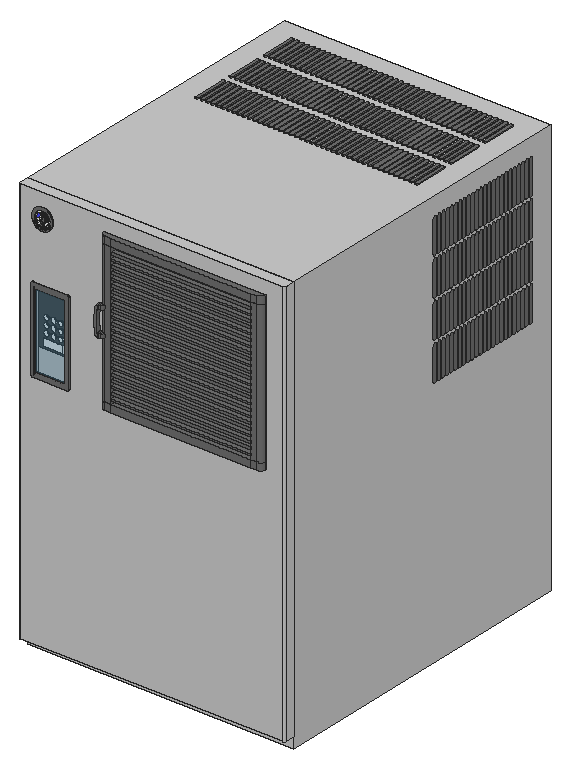
Revit family "QF_HOSHIZAKI_IM-240APE_251030081704", category Specialty Equipment, Revit 2021 (continued)
Definition of nested family "QF_HOSHIZAKI_IM-240APE_2920"
  Forms (mm)
    Extrusion 11, solid
      sketch origin (-498.752, -25.81, 878.5) x (-1, 0, 0) y (0, -1, 0)
        loop
          arc (-716.252, 107.69) -> (-712.752, 104.19) -> (-709.252, 107.69) r 3.5
          line (-709.252, 107.69) -> (-709.252, 175.69)
        loop
          arc (-720.252, 175.69) -> (-723.752, 179.19) -> (-727.252, 175.69) r 3.5
          line (-727.252, 175.69) -> (-727.252, 107.69)
          arc (-727.252, 107.69) -> (-723.752, 104.19) -> (-720.252, 107.69) r 3.5
          line (-720.252, 107.69) -> (-720.252, 175.69)
        loop
          arc (-731.252, 175.69) -> (-734.752, 179.19) -> (-738.252, 175.69) r 3.5
          line (-738.252, 175.69) -> (-738.252, 107.69)
          arc (-738.252, 107.69) -> (-734.752, 104.19) -> (-731.252, 107.69) r 3.5
          line (-731.252, 107.69) -> (-731.252, 175.69)
        loop
          arc (-742.252, 175.69) -> (-745.752, 179.19) -> (-749.252, 175.69) r 3.5
          line (-749.252, 175.69) -> (-749.252, 107.69)
          arc (-749.252, 107.69) -> (-745.752, 104.19) -> (-742.252, 107.69) r 3.5
          line (-742.252, 107.69) -> (-742.252, 175.69)
        loop
          arc (-753.252, 175.69) -> (-756.752, 179.19) -> (-760.252, 175.69) r 3.5
          line (-760.252, 175.69) -> (-760.252, 107.69)
          arc (-760.252, 107.69) -> (-756.752, 104.19) -> (-753.252, 107.69) r 3.5
          line (-753.252, 107.69) -> (-753.252, 175.69)
        loop
          arc (-764.252, 175.69) -> (-767.752, 179.19) -> (-771.252, 175.69) r 3.5
          line (-771.252, 175.69) -> (-771.252, 107.69)
          arc (-771.252, 107.69) -> (-767.752, 104.19) -> (-764.252, 107.69) r 3.5
          line (-764.252, 107.69) -> (-764.252, 175.69)
        loop
          arc (-775.252, 175.69) -> (-778.752, 179.19) -> (-782.252, 175.69) r 3.5
          line (-782.252, 175.69) -> (-782.252, 107.69)
          arc (-782.252, 107.69) -> (-778.752, 104.19) -> (-775.252, 107.69) r 3.5
          line (-775.252, 107.69) -> (-775.252, 175.69)
        loop
          arc (-786.252, 175.69) -> (-789.752, 179.19) -> (-793.252, 175.69) r 3.5
          line (-793.252, 175.69) -> (-793.252, 107.69)
          arc (-793.252, 107.69) -> (-789.752, 104.19) -> (-786.252, 107.69) r 3.5
          line (-786.252, 107.69) -> (-786.252, 175.69)
        loop
          arc (-797.252, 175.69) -> (-800.752, 179.19) -> (-804.252, 175.69) r 3.5
          line (-804.252, 175.69) -> (-804.252, 107.69)
          arc (-804.252, 107.69) -> (-800.752, 104.19) -> (-797.252, 107.69) r 3.5
          line (-797.252, 107.69) -> (-797.252, 175.69)
        loop
          arc (-544.252, 85.634) -> (-547.752, 89.134) -> (-551.252, 85.634) r 3.5
          line (-551.252, 85.634) -> (-551.252, 17.69)
          arc (-551.252, 17.69) -> (-547.752, 14.19) -> (-544.252, 17.69) r 3.5
          line (-544.252, 17.69) -> (-544.252, 85.634)
        loop
          arc (-555.252, 85.634) -> (-558.752, 89.134) -> (-562.252, 85.634) r 3.5
          line (-562.252, 85.634) -> (-562.252, 17.69)
          arc (-562.252, 17.69) -> (-558.752, 14.19) -> (-555.252, 17.69) r 3.5
          line (-555.252, 17.69) -> (-555.252, 85.634)
        loop
          arc (-566.252, 85.634) -> (-569.752, 89.134) -> (-573.252, 85.634) r 3.5
          line (-573.252, 85.634) -> (-573.252, 17.69)
          arc (-573.252, 17.69) -> (-569.752, 14.19) -> (-566.252, 17.69) r 3.5
          line (-566.252, 17.69) -> (-566.252, 85.634)
        loop
          arc (-577.252, 85.634) -> (-580.752, 89.134) -> (-584.252, 85.634) r 3.5
          line (-584.252, 85.634) -> (-584.252, 17.69)
          arc (-584.252, 17.69) -> (-580.752, 14.19) -> (-577.252, 17.69) r 3.5
          line (-577.252, 17.69) -> (-577.252, 85.634)
        loop
          arc (-588.252, 85.634) -> (-591.752, 89.134) -> (-595.252, 85.634) r 3.5
          line (-595.252, 85.634) -> (-595.252, 17.69)
          arc (-595.252, 17.69) -> (-591.752, 14.19) -> (-588.252, 17.69) r 3.5
          line (-588.252, 17.69) -> (-588.252, 85.634)
        loop
          arc (-599.252, 85.634) -> (-602.752, 89.134) -> (-606.252, 85.634) r 3.5
          line (-606.252, 85.634) -> (-606.252, 17.69)
          arc (-606.252, 17.69) -> (-602.752, 14.19) -> (-599.252, 17.69) r 3.5
          line (-599.252, 17.69) -> (-599.252, 85.634)
        loop
          arc (-610.252, 85.634) -> (-613.752, 89.134) -> (-617.252, 85.634) r 3.5
          line (-617.252, 85.634) -> (-617.252, 17.69)
          arc (-617.252, 17.69) -> (-613.752, 14.19) -> (-610.252, 17.69) r 3.5
          line (-610.252, 17.69) -> (-610.252, 85.634)
        loop
          arc (-621.252, 85.634) -> (-624.752, 89.134) -> (-628.252, 85.634) r 3.5
          line (-628.252, 85.634) -> (-628.252, 17.69)
          arc (-628.252, 17.69) -> (-624.752, 14.19) -> (-621.252, 17.69) r 3.5
          line (-621.252, 17.69) -> (-621.252, 85.634)
        loop
          arc (-632.252, 85.634) -> (-635.752, 89.134) -> (-639.252, 85.634) r 3.5
          line (-639.252, 85.634) -> (-639.252, 17.69)
          arc (-639.252, 17.69) -> (-635.752, 14.19) -> (-632.252, 17.69) r 3.5
          line (-632.252, 17.69) -> (-632.252, 85.634)
        loop
          arc (-643.252, 85.634) -> (-646.752, 89.134) -> (-650.252, 85.634) r 3.5
          line (-650.252, 85.634) -> (-650.252, 17.69)
          arc (-650.252, 17.69) -> (-646.752, 14.19) -> (-643.252, 17.69) r 3.5
          line (-643.252, 17.69) -> (-643.252, 85.634)
        loop
          arc (-654.252, 85.634) -> (-657.752, 89.134) -> (-661.252, 85.634) r 3.5
          line (-661.252, 85.634) -> (-661.252, 17.69)
          arc (-661.252, 17.69) -> (-657.752, 14.19) -> (-654.252, 17.69) r 3.5
          line (-654.252, 17.69) -> (-654.252, 85.634)
        loop
          arc (-665.252, 85.634) -> (-668.752, 89.134) -> (-672.252, 85.634) r 3.5
          line (-672.252, 85.634) -> (-672.252, 17.69)
          arc (-672.252, 17.69) -> (-668.752, 14.19) -> (-665.252, 17.69) r 3.5
          line (-665.252, 17.69) -> (-665.252, 85.634)
        loop
          arc (-676.252, 85.634) -> (-679.752, 89.134) -> (-683.252, 85.634) r 3.5
          line (-683.252, 85.634) -> (-683.252, 17.69)
          arc (-683.252, 17.69) -> (-679.752, 14.19) -> (-676.252, 17.69) r 3.5
          line (-676.252, 17.69) -> (-676.252, 85.634)
        loop
          arc (-687.252, 85.634) -> (-690.752, 89.134) -> (-694.252, 85.634) r 3.5
          line (-694.252, 85.634) -> (-694.252, 17.69)
          arc (-694.252, 17.69) -> (-690.752, 14.19) -> (-687.252, 17.69) r 3.5
          line (-687.252, 17.69) -> (-687.252, 85.634)
        loop
          arc (-698.252, 85.634) -> (-701.752, 89.134) -> (-705.252, 85.634) r 3.5
          line (-705.252, 85.634) -> (-705.252, 17.69)
          arc (-705.252, 17.69) -> (-701.752, 14.19) -> (-698.252, 17.69) r 3.5
          line (-698.252, 17.69) -> (-698.252, 85.634)
        loop
          arc (-709.252, 85.634) -> (-712.752, 89.134) -> (-716.252, 85.634) r 3.5
          line (-716.252, 85.634) -> (-716.252, 17.69)
          arc (-716.252, 17.69) -> (-712.752, 14.19) -> (-709.252, 17.69) r 3.5
          line (-709.252, 17.69) -> (-709.252, 85.634)
        loop
          arc (-720.252, 85.634) -> (-723.752, 89.134) -> (-727.252, 85.634) r 3.5
          line (-727.252, 85.634) -> (-727.252, 17.69)
          arc (-727.252, 17.69) -> (-723.752, 14.19) -> (-720.252, 17.69) r 3.5
          line (-720.252, 17.69) -> (-720.252, 85.634)
        loop
          arc (-731.252, 85.634) -> (-734.752, 89.134) -> (-738.252, 85.634) r 3.5
          line (-738.252, 85.634) -> (-738.252, 17.69)
          arc (-738.252, 17.69) -> (-734.752, 14.19) -> (-731.252, 17.69) r 3.5
          line (-731.252, 17.69) -> (-731.252, 85.634)
        loop
          arc (-742.252, 85.634) -> (-745.752, 89.134) -> (-749.252, 85.634) r 3.5
          line (-749.252, 85.634) -> (-749.252, 17.69)
          arc (-749.252, 17.69) -> (-745.752, 14.19) -> (-742.252, 17.69) r 3.5
          line (-742.252, 17.69) -> (-742.252, 85.634)
        loop
          arc (-753.252, 85.634) -> (-756.752, 89.134) -> (-760.252, 85.634) r 3.5
          line (-760.252, 85.634) -> (-760.252, 17.69)
          arc (-760.252, 17.69) -> (-756.752, 14.19) -> (-753.252, 17.69) r 3.5
          line (-753.252, 17.69) -> (-753.252, 85.634)
        loop
          arc (-764.252, 85.634) -> (-767.752, 89.134) -> (-771.252, 85.634) r 3.5
          line (-771.252, 85.634) -> (-771.252, 17.69)
          arc (-771.252, 17.69) -> (-767.752, 14.19) -> (-764.252, 17.69) r 3.5
          line (-764.252, 17.69) -> (-764.252, 85.634)
        loop
          arc (-775.252, 85.634) -> (-778.752, 89.134) -> (-782.252, 85.634) r 3.5
          line (-782.252, 85.634) -> (-782.252, 17.69)
          arc (-782.252, 17.69) -> (-778.752, 14.19) -> (-775.252, 17.69) r 3.5
          line (-775.252, 17.69) -> (-775.252, 85.634)
        loop
          arc (-786.252, 85.634) -> (-789.752, 89.134) -> (-793.252, 85.634) r 3.5
          line (-793.252, 85.634) -> (-793.252, 17.69)
          arc (-793.252, 17.69) -> (-789.752, 14.19) -> (-786.252, 17.69) r 3.5
          line (-786.252, 17.69) -> (-786.252, 85.634)
        loop
          arc (-797.252, 85.634) -> (-800.752, 89.134) -> (-804.252, 85.634) r 3.5
          line (-804.252, 85.634) -> (-804.252, 17.69)
          arc (-804.252, 17.69) -> (-800.752, 14.19) -> (-797.252, 17.69) r 3.5
          line (-797.252, 17.69) -> (-797.252, 85.634)
        loop
          arc (-808.252, 265.634) -> (-811.752, 269.134) -> (-815.252, 265.634) r 3.5
          line (-815.252, 265.634) -> (-815.252, 197.69)
          arc (-815.252, 197.69) -> (-811.752, 194.19) -> (-808.252, 197.69) r 3.5
          line (-808.252, 197.69) -> (-808.252, 265.634)
        loop
          arc (-819.252, 265.634) -> (-822.752, 269.134) -> (-826.252, 265.634) r 3.5
          line (-826.252, 265.634) -> (-826.252, 197.69)
          arc (-826.252, 197.69) -> (-822.752, 194.19) -> (-819.252, 197.69) r 3.5
          line (-819.252, 197.69) -> (-819.252, 265.634)
        loop
          arc (-830.252, 265.634) -> (-833.752, 269.134) -> (-837.252, 265.634) r 3.5
          line (-837.252, 265.634) -> (-837.252, 197.69)
          arc (-837.252, 197.69) -> (-833.752, 194.19) -> (-830.252, 197.69) r 3.5
          line (-830.252, 197.69) -> (-830.252, 265.634)
        loop
          arc (-841.252, 265.634) -> (-844.752, 269.134) -> (-848.252, 265.634) r 3.5
          line (-848.252, 265.634) -> (-848.252, 197.69)
          arc (-848.252, 197.69) -> (-844.752, 194.19) -> (-841.252, 197.69) r 3.5
          line (-841.252, 197.69) -> (-841.252, 265.634)
        loop
          arc (-852.252, 265.634) -> (-855.752, 269.134) -> (-859.252, 265.634) r 3.5
          line (-859.252, 265.634) -> (-859.252, 197.69)
          arc (-859.252, 197.69) -> (-855.752, 194.19) -> (-852.252, 197.69) r 3.5
          line (-852.252, 197.69) -> (-852.252, 265.634)
        loop
          arc (-863.252, 265.634) -> (-866.752, 269.134) -> (-870.252, 265.634) r 3.5
          line (-870.252, 265.634) -> (-870.252, 197.69)
          arc (-870.252, 197.69) -> (-866.752, 194.19) -> (-863.252, 197.69) r 3.5
          line (-863.252, 197.69) -> (-863.252, 265.634)
        loop
          arc (-874.252, 265.634) -> (-877.752, 269.134) -> (-881.252, 265.634) r 3.5
          line (-881.252, 265.634) -> (-881.252, 197.69)
          arc (-881.252, 197.69) -> (-877.752, 194.19) -> (-874.252, 197.69) r 3.5
          line (-874.252, 197.69) -> (-874.252, 265.634)
        loop
          arc (-885.252, 265.634) -> (-888.752, 269.134) -> (-892.252, 265.634) r 3.5
          line (-892.252, 265.634) -> (-892.252, 197.69)
          arc (-892.252, 197.69) -> (-888.752, 194.19) -> (-885.252, 197.69) r 3.5
          line (-885.252, 197.69) -> (-885.252, 265.634)
        loop
          arc (-896.252, 265.634) -> (-899.752, 269.134) -> (-903.252, 265.634) r 3.5
          line (-903.252, 265.634) -> (-903.252, 197.69)
          arc (-903.252, 197.69) -> (-899.752, 194.19) -> (-896.252, 197.69) r 3.5
          line (-896.252, 197.69) -> (-896.252, 265.634)
        loop
          arc (-907.252, 265.634) -> (-910.752, 269.134) -> (-914.252, 265.634) r 3.5
          line (-914.252, 265.634) -> (-914.252, 197.69)
          arc (-914.252, 197.69) -> (-910.752, 194.19) -> (-907.252, 197.69) r 3.5
          line (-907.252, 197.69) -> (-907.252, 265.634)
        loop
          arc (-808.252, 175.69) -> (-811.752, 179.19) -> (-815.252, 175.69) r 3.5
          line (-815.252, 175.69) -> (-815.252, 107.69)
          arc (-815.252, 107.69) -> (-811.752, 104.19) -> (-808.252, 107.69) r 3.5
          line (-808.252, 107.69) -> (-808.252, 175.69)
        loop
          arc (-819.252, 175.69) -> (-822.752, 179.19) -> (-826.252, 175.69) r 3.5
          line (-826.252, 175.69) -> (-826.252, 107.69)
          arc (-826.252, 107.69) -> (-822.752, 104.19) -> (-819.252, 107.69) r 3.5
          line (-819.252, 107.69) -> (-819.252, 175.69)
        loop
          arc (-830.252, 175.69) -> (-833.752, 179.19) -> (-837.252, 175.69) r 3.5
          line (-837.252, 175.69) -> (-837.252, 107.69)
          arc (-837.252, 107.69) -> (-833.752, 104.19) -> (-830.252, 107.69) r 3.5
          line (-830.252, 107.69) -> (-830.252, 175.69)
        loop
          arc (-841.252, 175.69) -> (-844.752, 179.19) -> (-848.252, 175.69) r 3.5
          line (-848.252, 175.69) -> (-848.252, 107.69)
          arc (-848.252, 107.69) -> (-844.752, 104.19) -> (-841.252, 107.69) r 3.5
          line (-841.252, 107.69) -> (-841.252, 175.69)
        loop
          arc (-852.252, 175.69) -> (-855.752, 179.19) -> (-859.252, 175.69) r 3.5
          line (-859.252, 175.69) -> (-859.252, 107.69)
          arc (-859.252, 107.69) -> (-855.752, 104.19) -> (-852.252, 107.69) r 3.5
          line (-852.252, 107.69) -> (-852.252, 175.69)
        loop
          arc (-863.252, 175.69) -> (-866.752, 179.19) -> (-870.252, 175.69) r 3.5
          line (-870.252, 175.69) -> (-870.252, 107.69)
          arc (-870.252, 107.69) -> (-866.752, 104.19) -> (-863.252, 107.69) r 3.5
          line (-863.252, 107.69) -> (-863.252, 175.69)
        loop
          arc (-874.252, 175.69) -> (-877.752, 179.19) -> (-881.252, 175.69) r 3.5
          line (-881.252, 175.69) -> (-881.252, 107.69)
          arc (-881.252, 107.69) -> (-877.752, 104.19) -> (-874.252, 107.69) r 3.5
          line (-874.252, 107.69) -> (-874.252, 175.69)
        loop
          arc (-885.252, 175.69) -> (-888.752, 179.19) -> (-892.252, 175.69) r 3.5
          line (-892.252, 175.69) -> (-892.252, 107.69)
          arc (-892.252, 107.69) -> (-888.752, 104.19) -> (-885.252, 107.69) r 3.5
          line (-885.252, 107.69) -> (-885.252, 175.69)
        loop
          arc (-896.252, 175.69) -> (-899.752, 179.19) -> (-903.252, 175.69) r 3.5
          line (-903.252, 175.69) -> (-903.252, 107.69)
          arc (-903.252, 107.69) -> (-899.752, 104.19) -> (-896.252, 107.69) r 3.5
          line (-896.252, 107.69) -> (-896.252, 175.69)
        loop
          arc (-907.252, 175.69) -> (-910.752, 179.19) -> (-914.252, 175.69) r 3.5
          line (-914.252, 175.69) -> (-914.252, 107.69)
          arc (-914.252, 107.69) -> (-910.752, 104.19) -> (-907.252, 107.69) r 3.5
          line (-907.252, 107.69) -> (-907.252, 175.69)
        loop
          arc (-808.252, 85.634) -> (-811.752, 89.134) -> (-815.252, 85.634) r 3.5
          line (-815.252, 85.634) -> (-815.252, 17.69)
          arc (-815.252, 17.69) -> (-811.752, 14.19) -> (-808.252, 17.69) r 3.5
          line (-808.252, 17.69) -> (-808.252, 85.634)
        loop
          arc (-819.252, 85.634) -> (-822.752, 89.134) -> (-826.252, 85.634) r 3.5
          line (-826.252, 85.634) -> (-826.252, 17.69)
          arc (-826.252, 17.69) -> (-822.752, 14.19) -> (-819.252, 17.69) r 3.5
          line (-819.252, 17.69) -> (-819.252, 85.634)
        loop
          arc (-830.252, 85.634) -> (-833.752, 89.134) -> (-837.252, 85.634) r 3.5
          line (-837.252, 85.634) -> (-837.252, 17.69)
          arc (-837.252, 17.69) -> (-833.752, 14.19) -> (-830.252, 17.69) r 3.5
          line (-830.252, 17.69) -> (-830.252, 85.634)
        loop
          arc (-841.252, 85.634) -> (-844.752, 89.134) -> (-848.252, 85.634) r 3.5
          line (-848.252, 85.634) -> (-848.252, 17.69)
          arc (-848.252, 17.69) -> (-844.752, 14.19) -> (-841.252, 17.69) r 3.5
          line (-841.252, 17.69) -> (-841.252, 85.634)
        loop
          arc (-852.252, 85.634) -> (-855.752, 89.134) -> (-859.252, 85.634) r 3.5
          line (-859.252, 85.634) -> (-859.252, 17.69)
          arc (-859.252, 17.69) -> (-855.752, 14.19) -> (-852.252, 17.69) r 3.5
          line (-852.252, 17.69) -> (-852.252, 85.634)
        loop
          arc (-863.252, 85.634) -> (-866.752, 89.134) -> (-870.252, 85.634) r 3.5
          line (-870.252, 85.634) -> (-870.252, 17.69)
          arc (-870.252, 17.69) -> (-866.752, 14.19) -> (-863.252, 17.69) r 3.5
          line (-863.252, 17.69) -> (-863.252, 85.634)
        loop
          arc (-874.252, 85.634) -> (-877.752, 89.134) -> (-881.252, 85.634) r 3.5
          line (-881.252, 85.634) -> (-881.252, 17.69)
          arc (-881.252, 17.69) -> (-877.752, 14.19) -> (-874.252, 17.69) r 3.5
          line (-874.252, 17.69) -> (-874.252, 85.634)
        loop
          arc (-885.252, 85.634) -> (-888.752, 89.134) -> (-892.252, 85.634) r 3.5
          line (-892.252, 85.634) -> (-892.252, 17.69)
          arc (-892.252, 17.69) -> (-888.752, 14.19) -> (-885.252, 17.69) r 3.5
          line (-885.252, 17.69) -> (-885.252, 85.634)
        loop
          arc (-896.252, 85.634) -> (-899.752, 89.134) -> (-903.252, 85.634) r 3.5
          line (-903.252, 85.634) -> (-903.252, 17.69)
          arc (-903.252, 17.69) -> (-899.752, 14.19) -> (-896.252, 17.69) r 3.5
          line (-896.252, 17.69) -> (-896.252, 85.634)
        loop
          arc (-907.252, 85.634) -> (-910.752, 89.134) -> (-914.252, 85.634) r 3.5
          line (-914.252, 85.634) -> (-914.252, 17.69)
          arc (-914.252, 17.69) -> (-910.752, 14.19) -> (-907.252, 17.69) r 3.5
          line (-907.252, 17.69) -> (-907.252, 85.634)
        loop
          arc (-918.252, 265.634) -> (-921.752, 269.134) -> (-925.252, 265.634) r 3.5
          line (-925.252, 265.634) -> (-925.252, 197.69)
          arc (-925.252, 197.69) -> (-921.752, 194.19) -> (-918.252, 197.69) r 3.5
          line (-918.252, 197.69) -> (-918.252, 265.634)
        loop
          arc (-929.252, 265.634) -> (-932.752, 269.134) -> (-936.252, 265.634) r 3.5
          line (-936.252, 265.634) -> (-936.252, 197.69)
          arc (-936.252, 197.69) -> (-932.752, 194.19) -> (-929.252, 197.69) r 3.5
          line (-929.252, 197.69) -> (-929.252, 265.634)
        loop
          arc (-940.252, 265.634) -> (-943.752, 269.134) -> (-947.252, 265.634) r 3.5
          line (-947.252, 265.634) -> (-947.252, 197.69)
          arc (-947.252, 197.69) -> (-943.752, 194.19) -> (-940.252, 197.69) r 3.5
          line (-940.252, 197.69) -> (-940.252, 265.634)
        loop
          arc (-951.252, 265.634) -> (-954.752, 269.134) -> (-958.252, 265.634) r 3.5
          line (-958.252, 265.634) -> (-958.252, 197.69)
          arc (-958.252, 197.69) -> (-954.752, 194.19) -> (-951.252, 197.69) r 3.5
          line (-951.252, 197.69) -> (-951.252, 265.634)
        loop
          arc (-962.252, 265.634) -> (-965.752, 269.134) -> (-969.252, 265.634) r 3.5
          line (-969.252, 265.634) -> (-969.252, 197.69)
          arc (-969.252, 197.69) -> (-965.752, 194.19) -> (-962.252, 197.69) r 3.5
          line (-962.252, 197.69) -> (-962.252, 265.634)
        loop
          arc (-973.252, 265.634) -> (-976.752, 269.134) -> (-980.252, 265.634) r 3.5
          line (-980.252, 265.634) -> (-980.252, 197.69)
          arc (-980.252, 197.69) -> (-976.752, 194.19) -> (-973.252, 197.69) r 3.5
          line (-973.252, 197.69) -> (-973.252, 265.634)
        loop
          arc (-984.252, 265.634) -> (-987.752, 269.134) -> (-991.252, 265.634) r 3.5
          line (-991.252, 265.634) -> (-991.252, 197.69)
          arc (-991.252, 197.69) -> (-987.752, 194.19) -> (-984.252, 197.69) r 3.5
          line (-984.252, 197.69) -> (-984.252, 265.634)
        loop
          arc (-995.252, 265.634) -> (-998.752, 269.134) -> (-1002.252, 265.634) r 3.5
          line (-1002.252, 265.634) -> (-1002.252, 197.69)
          arc (-1002.252, 197.69) -> (-998.752, 194.19) -> (-995.252, 197.69) r 3.5
          line (-995.252, 197.69) -> (-995.252, 265.634)
        loop
          arc (-1006.252, 265.634) -> (-1009.752, 269.134) -> (-1013.252, 265.634) r 3.5
          line (-1013.252, 265.634) -> (-1013.252, 197.69)
          arc (-1013.252, 197.69) -> (-1009.752, 194.19) -> (-1006.252, 197.69) r 3.5
          line (-1006.252, 197.69) -> (-1006.252, 265.634)
        loop
          arc (-918.252, 175.69) -> (-921.752, 179.19) -> (-925.252, 175.69) r 3.5
          line (-925.252, 175.69) -> (-925.252, 107.69)
          arc (-925.252, 107.69) -> (-921.752, 104.19) -> (-918.252, 107.69) r 3.5
          line (-918.252, 107.69) -> (-918.252, 175.69)
        loop
          arc (-929.252, 175.69) -> (-932.752, 179.19) -> (-936.252, 175.69) r 3.5
          line (-936.252, 175.69) -> (-936.252, 107.69)
          arc (-936.252, 107.69) -> (-932.752, 104.19) -> (-929.252, 107.69) r 3.5
          line (-929.252, 107.69) -> (-929.252, 175.69)
        loop
          arc (-940.252, 175.69) -> (-943.752, 179.19) -> (-947.252, 175.69) r 3.5
          line (-947.252, 175.69) -> (-947.252, 107.69)
          arc (-947.252, 107.69) -> (-943.752, 104.19) -> (-940.252, 107.69) r 3.5
          line (-940.252, 107.69) -> (-940.252, 175.69)
        loop
          arc (-951.252, 175.69) -> (-954.752, 179.19) -> (-958.252, 175.69) r 3.5
          line (-958.252, 175.69) -> (-958.252, 107.69)
          arc (-958.252, 107.69) -> (-954.752, 104.19) -> (-951.252, 107.69) r 3.5
          line (-951.252, 107.69) -> (-951.252, 175.69)
        loop
          arc (-962.252, 175.69) -> (-965.752, 179.19) -> (-969.252, 175.69) r 3.5
          line (-969.252, 175.69) -> (-969.252, 107.69)
          arc (-969.252, 107.69) -> (-965.752, 104.19) -> (-962.252, 107.69) r 3.5
          line (-962.252, 107.69) -> (-962.252, 175.69)
        loop
          arc (-973.252, 175.69) -> (-976.752, 179.19) -> (-980.252, 175.69) r 3.5
          line (-980.252, 175.69) -> (-980.252, 107.69)
          arc (-980.252, 107.69) -> (-976.752, 104.19) -> (-973.252, 107.69) r 3.5
          line (-973.252, 107.69) -> (-973.252, 175.69)
        loop
          arc (-984.252, 175.69) -> (-987.752, 179.19) -> (-991.252, 175.69) r 3.5
          line (-991.252, 175.69) -> (-991.252, 107.69)
          arc (-991.252, 107.69) -> (-987.752, 104.19) -> (-984.252, 107.69) r 3.5
          line (-984.252, 107.69) -> (-984.252, 175.69)
        loop
          arc (-995.252, 175.69) -> (-998.752, 179.19) -> (-1002.252, 175.69) r 3.5
          line (-1002.252, 175.69) -> (-1002.252, 107.69)
          arc (-1002.252, 107.69) -> (-998.752, 104.19) -> (-995.252, 107.69) r 3.5
          line (-995.252, 107.69) -> (-995.252, 175.69)
        loop
          arc (-1006.252, 175.69) -> (-1009.752, 179.19) -> (-1013.252, 175.69) r 3.5
          line (-1013.252, 175.69) -> (-1013.252, 107.69)
          arc (-1013.252, 107.69) -> (-1009.752, 104.19) -> (-1006.252, 107.69) r 3.5
          line (-1006.252, 107.69) -> (-1006.252, 175.69)
        loop
          arc (-918.252, 85.634) -> (-921.752, 89.134) -> (-925.252, 85.634) r 3.5
          line (-925.252, 85.634) -> (-925.252, 17.69)
          arc (-925.252, 17.69) -> (-921.752, 14.19) -> (-918.252, 17.69) r 3.5
          line (-918.252, 17.69) -> (-918.252, 85.634)
        loop
          arc (-929.252, 85.634) -> (-932.752, 89.134) -> (-936.252, 85.634) r 3.5
          line (-936.252, 85.634) -> (-936.252, 17.69)
          arc (-936.252, 17.69) -> (-932.752, 14.19) -> (-929.252, 17.69) r 3.5
          line (-929.252, 17.69) -> (-929.252, 85.634)
        loop
          arc (-940.252, 85.634) -> (-943.752, 89.134) -> (-947.252, 85.634) r 3.5
          line (-947.252, 85.634) -> (-947.252, 17.69)
          arc (-947.252, 17.69) -> (-943.752, 14.19) -> (-940.252, 17.69) r 3.5
          line (-940.252, 17.69) -> (-940.252, 85.634)
        loop
          arc (-951.252, 85.634) -> (-954.752, 89.134) -> (-958.252, 85.634) r 3.5
          line (-958.252, 85.634) -> (-958.252, 17.69)
          arc (-958.252, 17.69) -> (-954.752, 14.19) -> (-951.252, 17.69) r 3.5
          line (-951.252, 17.69) -> (-951.252, 85.634)
        loop
          arc (-962.252, 85.634) -> (-965.752, 89.134) -> (-969.252, 85.634) r 3.5
          line (-969.252, 85.634) -> (-969.252, 17.69)
          arc (-969.252, 17.69) -> (-965.752, 14.19) -> (-962.252, 17.69) r 3.5
          line (-962.252, 17.69) -> (-962.252, 85.634)
        loop
          arc (-973.252, 85.634) -> (-976.752, 89.134) -> (-980.252, 85.634) r 3.5
          line (-980.252, 85.634) -> (-980.252, 17.69)
          arc (-980.252, 17.69) -> (-976.752, 14.19) -> (-973.252, 17.69) r 3.5
          line (-973.252, 17.69) -> (-973.252, 85.634)
        loop
          arc (-984.252, 85.634) -> (-987.752, 89.134) -> (-991.252, 85.634) r 3.5
          line (-991.252, 85.634) -> (-991.252, 17.69)
          arc (-991.252, 17.69) -> (-987.752, 14.19) -> (-984.252, 17.69) r 3.5
          line (-984.252, 17.69) -> (-984.252, 85.634)
        loop
          arc (-995.252, 85.634) -> (-998.752, 89.134) -> (-1002.252, 85.634) r 3.5
          line (-1002.252, 85.634) -> (-1002.252, 17.69)
          arc (-1002.252, 17.69) -> (-998.752, 14.19) -> (-995.252, 17.69) r 3.5
          line (-995.252, 17.69) -> (-995.252, 85.634)
        loop
          arc (-1006.252, 85.634) -> (-1009.752, 89.134) -> (-1013.252, 85.634) r 3.5
          line (-1013.252, 85.634) -> (-1013.252, 17.69)
          arc (-1013.252, 17.69) -> (-1009.752, 14.19) -> (-1006.252, 17.69) r 3.5
          line (-1006.252, 17.69) -> (-1006.252, 85.634)
      from 0 to 2
    Extrusion 12, solid
      sketch origin (1066.159, 778.565, 0) x (1, 0, 0) y (0, 1, 0)
        loop
          line (-1066.159, -1453.565) -> (-506.159, -1453.565) -> (-506.159, -778.565) -> (-1066.159, -778.565) -> (-1066.159, -1453.565)
      from 0 to 880
    Extrusion 13, solid
      sketch origin (195.5, -246.9, 865.516) x (1, 0, 0) y (0, 1, 0)
        loop
          line (325.5, -453.1) -> (303.5, -453.1) -> (303.5, -465.393)
          arc (303.5, -465.393) -> (309.59, -465.197) -> (315.681, -465.034) r 1092.521
          arc (315.681, -465.034) -> (322.635, -462.042) -> (325.5, -455.034) r 10.002
          line (325.5, -455.034) -> (325.5, -453.1)
        loop
          line (-14.5, -453.1) -> (-14.5, -455.034)
          arc (-14.5, -455.034) -> (-11.635, -462.042) -> (-4.681, -465.034) r 10.002
          arc (-4.681, -465.034) -> (1.41, -465.197) -> (7.5, -465.393) r 1092.521
          line (7.5, -465.393) -> (7.5, -453.1) -> (-14.5, -453.1)
      from -326.266 to -27.766
    Extrusion 14, solid
      sketch origin (165.5, -246.9, 844.169) x (1, 0, 0) y (0, 1, 0)
        loop
          line (15.5, -453.1) -> (15.5, -455.034)
          arc (15.5, -455.034) -> (18.326, -462.002) -> (25.208, -465.032) r 10.002
          arc (25.208, -465.032) -> (31.354, -465.195) -> (37.5, -465.393) r 1092.521
          arc (37.5, -465.393) -> (185.5, -473.1) -> (333.5, -465.393) r 1424.956
          arc (333.5, -465.393) -> (339.646, -465.195) -> (345.792, -465.032) r 1092.521
          arc (345.792, -465.032) -> (352.674, -462.002) -> (355.5, -455.034) r 10.002
          line (355.5, -455.034) -> (355.5, -453.1) -> (15.5, -453.1)
      from -6.419 to 8.581
    Extrusion 15, solid
      sketch origin (169.5, -249.137, 821.992) x (1, 0, 0) y (0, 1, 0)
        loop
          line (33.5, -450.863) -> (33.5, -463.156)
          arc (33.5, -463.156) -> (181.5, -470.863) -> (329.5, -463.156) r 1424.956
          line (329.5, -463.156) -> (329.5, -450.863) -> (33.5, -450.863)
      from 0 to 5
    Extrusion 16, solid
      sketch origin (1257.912, -254.32, 416.9) x (0.981627, 0.190809, 0) y (0, 0, 1)
        loop
          arc (-1151.197, 298.873) -> (-1152.843, 274.1) -> (-1151.197, 249.327) r 187.231
          arc (-1151.197, 249.327) -> (-1149.194, 245.591) -> (-1145.226, 244.1) r 6.024
          line (-1145.226, 244.1) -> (-1145.226, 250.998)
          arc (-1145.226, 250.998) -> (-1146.248, 251.278) -> (-1146.611, 252.274) r 1.156
          arc (-1146.611, 252.274) -> (-1148.006, 274.246) -> (-1146.611, 296.218) r 173.751
          arc (-1146.611, 296.218) -> (-1146.134, 297.014) -> (-1145.226, 297.202) r 1.156
          line (-1145.226, 297.202) -> (-1145.226, 304.1)
          arc (-1145.226, 304.1) -> (-1149.194, 302.609) -> (-1151.197, 298.873) r 6.024
      from 240.648 to 249.648
    Extrusion 17, solid
      sketch origin (-10.944, -197.237, 416.9) x (1, 0, 0) y (0, 1, 0)
        loop
          line (190.589, -511.828) -> (192.306, -520.663) -> (196.664, -519.816)
          arc (196.664, -519.816) -> (200.688, -515.7) -> (199.045, -510.184) r 5.675
          line (199.045, -510.184) -> (190.589, -511.828)
      from 297.227 to 304.1
    Extrusion 18, solid
      sketch origin (-10.944, -197.237, 363.773) x (1, 0, 0) y (0, 1, 0)
        loop
          line (190.589, -511.828) -> (192.306, -520.663) -> (196.664, -519.816)
          arc (196.664, -519.816) -> (200.688, -515.7) -> (199.045, -510.184) r 5.675
          line (199.045, -510.184) -> (190.589, -511.828)
      from 297.227 to 304.1
    Extrusion 19, solid
      sketch origin (-793.685, 98.02, 630) x (1, 0, 0) y (0, 1, 0)
        loop
          line (1353.685, -773.02) -> (793.685, -773.02) -> (793.685, -793.02)
          arc (793.685, -793.02) -> (795.15, -796.555) -> (798.685, -798.02) r 5
          line (798.685, -798.02) -> (1348.685, -798.02)
          arc (1348.685, -798.02) -> (1352.221, -796.555) -> (1353.685, -793.02) r 5
          line (1353.685, -793.02) -> (1353.685, -773.02)
      from -607.5 to 250
    Extrusion 20, solid
      sketch origin (560.5, -889.067, 635.04) x (0, -1, 0) y (0, 0, 1)
        loop
          arc (-579.567, 204.442) -> (-583.067, 207.942) -> (-586.567, 204.442) r 3.5
          line (-586.567, 204.442) -> (-586.567, 136.498)
          arc (-586.567, 136.498) -> (-583.067, 132.998) -> (-579.567, 136.498) r 3.5
          line (-579.567, 136.498) -> (-579.567, 204.442)
        loop
          arc (-590.567, 204.442) -> (-594.067, 207.942) -> (-597.567, 204.442) r 3.5
          line (-597.567, 204.442) -> (-597.567, 136.498)
          arc (-597.567, 136.498) -> (-594.067, 132.998) -> (-590.567, 136.498) r 3.5
          line (-590.567, 136.498) -> (-590.567, 204.442)
        loop
          arc (-601.567, 204.442) -> (-605.067, 207.942) -> (-608.567, 204.442) r 3.5
          line (-608.567, 204.442) -> (-608.567, 136.498)
          arc (-608.567, 136.498) -> (-605.067, 132.998) -> (-601.567, 136.498) r 3.5
          line (-601.567, 136.498) -> (-601.567, 204.442)
        loop
          arc (-612.567, 204.442) -> (-616.067, 207.942) -> (-619.567, 204.442) r 3.5
          line (-619.567, 204.442) -> (-619.567, 136.498)
          arc (-619.567, 136.498) -> (-616.067, 132.998) -> (-612.567, 136.498) r 3.5
          line (-612.567, 136.498) -> (-612.567, 204.442)
        loop
          arc (-623.567, 204.442) -> (-627.067, 207.942) -> (-630.567, 204.442) r 3.5
          line (-630.567, 204.442) -> (-630.567, 136.498)
          arc (-630.567, 136.498) -> (-627.067, 132.998) -> (-623.567, 136.498) r 3.5
          line (-623.567, 136.498) -> (-623.567, 204.442)
        loop
          arc (-634.567, 204.442) -> (-638.067, 207.942) -> (-641.567, 204.442) r 3.5
          line (-641.567, 204.442) -> (-641.567, 136.498)
          arc (-641.567, 136.498) -> (-638.067, 132.998) -> (-634.567, 136.498) r 3.5
          line (-634.567, 136.498) -> (-634.567, 204.442)
        loop
          arc (-645.567, 204.442) -> (-649.067, 207.942) -> (-652.567, 204.442) r 3.5
          line (-652.567, 204.442) -> (-652.567, 136.498)
          arc (-652.567, 136.498) -> (-649.067, 132.998) -> (-645.567, 136.498) r 3.5
          line (-645.567, 136.498) -> (-645.567, 204.442)
        loop
          arc (-656.567, 204.442) -> (-660.067, 207.942) -> (-663.567, 204.442) r 3.5
          line (-663.567, 204.442) -> (-663.567, 136.498)
          arc (-663.567, 136.498) -> (-660.067, 132.998) -> (-656.567, 136.498) r 3.5
          line (-656.567, 136.498) -> (-656.567, 204.442)
        loop
          arc (-667.567, 204.442) -> (-671.067, 207.942) -> (-674.567, 204.442) r 3.5
          line (-674.567, 204.442) -> (-674.567, 136.498)
          arc (-674.567, 136.498) -> (-671.067, 132.998) -> (-667.567, 136.498) r 3.5
          line (-667.567, 136.498) -> (-667.567, 204.442)
        loop
          arc (-678.567, 204.442) -> (-682.067, 207.942) -> (-685.567, 204.442) r 3.5
          line (-685.567, 204.442) -> (-685.567, 136.498)
          arc (-685.567, 136.498) -> (-682.067, 132.998) -> (-678.567, 136.498) r 3.5
          line (-678.567, 136.498) -> (-678.567, 204.442)
        loop
          arc (-689.567, 204.442) -> (-693.067, 207.942) -> (-696.567, 204.442) r 3.5
          line (-696.567, 204.442) -> (-696.567, 136.498)
          arc (-696.567, 136.498) -> (-693.067, 132.998) -> (-689.567, 136.498) r 3.5
          line (-689.567, 136.498) -> (-689.567, 204.442)
        loop
          arc (-700.567, 204.442) -> (-704.067, 207.942) -> (-707.567, 204.442) r 3.5
          line (-707.567, 204.442) -> (-707.567, 136.498)
          arc (-707.567, 136.498) -> (-704.067, 132.998) -> (-700.567, 136.498) r 3.5
          line (-700.567, 136.498) -> (-700.567, 204.442)
        loop
          arc (-711.567, 204.442) -> (-715.067, 207.942) -> (-718.567, 204.442) r 3.5
          line (-718.567, 204.442) -> (-718.567, 136.498)
          arc (-718.567, 136.498) -> (-715.067, 132.998) -> (-711.567, 136.498) r 3.5
          line (-711.567, 136.498) -> (-711.567, 204.442)
        loop
          arc (-722.567, 204.442) -> (-726.067, 207.942) -> (-729.567, 204.442) r 3.5
          line (-729.567, 204.442) -> (-729.567, 136.498)
          arc (-729.567, 136.498) -> (-726.067, 132.998) -> (-722.567, 136.498) r 3.5
          line (-722.567, 136.498) -> (-722.567, 204.442)
        loop
          arc (-733.567, 204.442) -> (-737.067, 207.942) -> (-740.567, 204.442) r 3.5
          line (-740.567, 204.442) -> (-740.567, 136.498)
          arc (-740.567, 136.498) -> (-737.067, 132.998) -> (-733.567, 136.498) r 3.5
          line (-733.567, 136.498) -> (-733.567, 204.442)
        loop
          arc (-744.567, 204.442) -> (-748.067, 207.942) -> (-751.567, 204.442) r 3.5
          line (-751.567, 204.442) -> (-751.567, 136.498)
          arc (-751.567, 136.498) -> (-748.067, 132.998) -> (-744.567, 136.498) r 3.5
          line (-744.567, 136.498) -> (-744.567, 204.442)
        loop
          arc (-755.567, 204.442) -> (-759.067, 207.942) -> (-762.567, 204.442) r 3.5
          line (-762.567, 204.442) -> (-762.567, 136.498)
          arc (-762.567, 136.498) -> (-759.067, 132.998) -> (-755.567, 136.498) r 3.5
          line (-755.567, 136.498) -> (-755.567, 204.442)
        loop
          arc (-766.567, 204.442) -> (-770.067, 207.942) -> (-773.567, 204.442) r 3.5
          line (-773.567, 204.442) -> (-773.567, 136.498)
          arc (-773.567, 136.498) -> (-770.067, 132.998) -> (-766.567, 136.498) r 3.5
          line (-766.567, 136.498) -> (-766.567, 204.442)
        loop
          arc (-777.567, 204.442) -> (-781.067, 207.942) -> (-784.567, 204.442) r 3.5
          line (-784.567, 204.442) -> (-784.567, 136.498)
          arc (-784.567, 136.498) -> (-781.067, 132.998) -> (-777.567, 136.498) r 3.5
          line (-777.567, 136.498) -> (-777.567, 204.442)
        loop
          arc (-788.567, 204.442) -> (-792.067, 207.942) -> (-795.567, 204.442) r 3.5
          line (-795.567, 204.442) -> (-795.567, 136.498)
          arc (-795.567, 136.498) -> (-792.067, 132.998) -> (-788.567, 136.498) r 3.5
          line (-788.567, 136.498) -> (-788.567, 204.442)
        loop
          arc (-799.567, 204.442) -> (-803.067, 207.942) -> (-806.567, 204.442) r 3.5
          line (-806.567, 204.442) -> (-806.567, 136.498)
          arc (-806.567, 136.498) -> (-803.067, 132.998) -> (-799.567, 136.498) r 3.5
          line (-799.567, 136.498) -> (-799.567, 204.442)
        loop
          arc (-810.567, 204.442) -> (-814.067, 207.942) -> (-817.567, 204.442) r 3.5
          line (-817.567, 204.442) -> (-817.567, 136.498)
          arc (-817.567, 136.498) -> (-814.067, 132.998) -> (-810.567, 136.498) r 3.5
          line (-810.567, 136.498) -> (-810.567, 204.442)
        loop
          arc (-821.567, 204.442) -> (-825.067, 207.942) -> (-828.567, 204.442) r 3.5
          line (-828.567, 204.442) -> (-828.567, 136.498)
          arc (-828.567, 136.498) -> (-825.067, 132.998) -> (-821.567, 136.498) r 3.5
          line (-821.567, 136.498) -> (-821.567, 204.442)
        loop
          arc (-832.567, 204.442) -> (-836.067, 207.942) -> (-839.567, 204.442) r 3.5
          line (-839.567, 204.442) -> (-839.567, 136.498)
          arc (-839.567, 136.498) -> (-836.067, 132.998) -> (-832.567, 136.498) r 3.5
          line (-832.567, 136.498) -> (-832.567, 204.442)
        loop
          arc (-579.567, 124.442) -> (-583.067, 127.942) -> (-586.567, 124.442) r 3.5
          line (-586.567, 124.442) -> (-586.567, 56.498)
          arc (-586.567, 56.498) -> (-583.067, 52.998) -> (-579.567, 56.498) r 3.5
          line (-579.567, 56.498) -> (-579.567, 124.442)
        loop
          arc (-590.567, 124.442) -> (-594.067, 127.942) -> (-597.567, 124.442) r 3.5
          line (-597.567, 124.442) -> (-597.567, 56.498)
          arc (-597.567, 56.498) -> (-594.067, 52.998) -> (-590.567, 56.498) r 3.5
          line (-590.567, 56.498) -> (-590.567, 124.442)
        loop
          arc (-601.567, 124.442) -> (-605.067, 127.942) -> (-608.567, 124.442) r 3.5
          line (-608.567, 124.442) -> (-608.567, 56.498)
          arc (-608.567, 56.498) -> (-605.067, 52.998) -> (-601.567, 56.498) r 3.5
          line (-601.567, 56.498) -> (-601.567, 124.442)
        loop
          arc (-612.567, 124.442) -> (-616.067, 127.942) -> (-619.567, 124.442) r 3.5
          line (-619.567, 124.442) -> (-619.567, 56.498)
          arc (-619.567, 56.498) -> (-616.067, 52.998) -> (-612.567, 56.498) r 3.5
          line (-612.567, 56.498) -> (-612.567, 124.442)
        loop
          arc (-623.567, 124.442) -> (-627.067, 127.942) -> (-630.567, 124.442) r 3.5
          line (-630.567, 124.442) -> (-630.567, 56.498)
          arc (-630.567, 56.498) -> (-627.067, 52.998) -> (-623.567, 56.498) r 3.5
          line (-623.567, 56.498) -> (-623.567, 124.442)
        loop
          arc (-634.567, 124.442) -> (-638.067, 127.942) -> (-641.567, 124.442) r 3.5
          line (-641.567, 124.442) -> (-641.567, 56.498)
          arc (-641.567, 56.498) -> (-638.067, 52.998) -> (-634.567, 56.498) r 3.5
          line (-634.567, 56.498) -> (-634.567, 124.442)
        loop
          arc (-645.567, 124.442) -> (-649.067, 127.942) -> (-652.567, 124.442) r 3.5
          line (-652.567, 124.442) -> (-652.567, 56.498)
          arc (-652.567, 56.498) -> (-649.067, 52.998) -> (-645.567, 56.498) r 3.5
          line (-645.567, 56.498) -> (-645.567, 124.442)
        loop
          arc (-656.567, 124.442) -> (-660.067, 127.942) -> (-663.567, 124.442) r 3.5
          line (-663.567, 124.442) -> (-663.567, 56.498)
          arc (-663.567, 56.498) -> (-660.067, 52.998) -> (-656.567, 56.498) r 3.5
          line (-656.567, 56.498) -> (-656.567, 124.442)
        loop
          arc (-667.567, 124.442) -> (-671.067, 127.942) -> (-674.567, 124.442) r 3.5
          line (-674.567, 124.442) -> (-674.567, 56.498)
          arc (-674.567, 56.498) -> (-671.067, 52.998) -> (-667.567, 56.498) r 3.5
          line (-667.567, 56.498) -> (-667.567, 124.442)
        loop
          arc (-678.567, 124.442) -> (-682.067, 127.942) -> (-685.567, 124.442) r 3.5
          line (-685.567, 124.442) -> (-685.567, 56.498)
          arc (-685.567, 56.498) -> (-682.067, 52.998) -> (-678.567, 56.498) r 3.5
          line (-678.567, 56.498) -> (-678.567, 124.442)
        loop
          arc (-689.567, 124.442) -> (-693.067, 127.942) -> (-696.567, 124.442) r 3.5
          line (-696.567, 124.442) -> (-696.567, 56.498)
          arc (-696.567, 56.498) -> (-693.067, 52.998) -> (-689.567, 56.498) r 3.5
          line (-689.567, 56.498) -> (-689.567, 124.442)
        loop
          arc (-700.567, 124.442) -> (-704.067, 127.942) -> (-707.567, 124.442) r 3.5
          line (-707.567, 124.442) -> (-707.567, 56.498)
          arc (-707.567, 56.498) -> (-704.067, 52.998) -> (-700.567, 56.498) r 3.5
          line (-700.567, 56.498) -> (-700.567, 124.442)
        loop
          arc (-711.567, 124.442) -> (-715.067, 127.942) -> (-718.567, 124.442) r 3.5
          line (-718.567, 124.442) -> (-718.567, 56.498)
          arc (-718.567, 56.498) -> (-715.067, 52.998) -> (-711.567, 56.498) r 3.5
          line (-711.567, 56.498) -> (-711.567, 124.442)
        loop
          arc (-722.567, 124.442) -> (-726.067, 127.942) -> (-729.567, 124.442) r 3.5
          line (-729.567, 124.442) -> (-729.567, 56.498)
          arc (-729.567, 56.498) -> (-726.067, 52.998) -> (-722.567, 56.498) r 3.5
          line (-722.567, 56.498) -> (-722.567, 124.442)
        loop
          arc (-733.567, 124.442) -> (-737.067, 127.942) -> (-740.567, 124.442) r 3.5
          line (-740.567, 124.442) -> (-740.567, 56.498)
          arc (-740.567, 56.498) -> (-737.067, 52.998) -> (-733.567, 56.498) r 3.5
          line (-733.567, 56.498) -> (-733.567, 124.442)
        loop
          arc (-744.567, 124.442) -> (-748.067, 127.942) -> (-751.567, 124.442) r 3.5
          line (-751.567, 124.442) -> (-751.567, 56.498)
          arc (-751.567, 56.498) -> (-748.067, 52.998) -> (-744.567, 56.498) r 3.5
          line (-744.567, 56.498) -> (-744.567, 124.442)
        loop
          arc (-755.567, 124.442) -> (-759.067, 127.942) -> (-762.567, 124.442) r 3.5
          line (-762.567, 124.442) -> (-762.567, 56.498)
          arc (-762.567, 56.498) -> (-759.067, 52.998) -> (-755.567, 56.498) r 3.5
          line (-755.567, 56.498) -> (-755.567, 124.442)
        loop
          arc (-766.567, 124.442) -> (-770.067, 127.942) -> (-773.567, 124.442) r 3.5
          line (-773.567, 124.442) -> (-773.567, 56.498)
          arc (-773.567, 56.498) -> (-770.067, 52.998) -> (-766.567, 56.498) r 3.5
          line (-766.567, 56.498) -> (-766.567, 124.442)
        loop
          arc (-777.567, 124.442) -> (-781.067, 127.942) -> (-784.567, 124.442) r 3.5
          line (-784.567, 124.442) -> (-784.567, 56.498)
          arc (-784.567, 56.498) -> (-781.067, 52.998) -> (-777.567, 56.498) r 3.5
          line (-777.567, 56.498) -> (-777.567, 124.442)
        loop
          arc (-788.567, 124.442) -> (-792.067, 127.942) -> (-795.567, 124.442) r 3.5
          line (-795.567, 124.442) -> (-795.567, 56.498)
          arc (-795.567, 56.498) -> (-792.067, 52.998) -> (-788.567, 56.498) r 3.5
          line (-788.567, 56.498) -> (-788.567, 124.442)
        loop
          arc (-799.567, 124.442) -> (-803.067, 127.942) -> (-806.567, 124.442) r 3.5
          line (-806.567, 124.442) -> (-806.567, 56.498)
          arc (-806.567, 56.498) -> (-803.067, 52.998) -> (-799.567, 56.498) r 3.5
          line (-799.567, 56.498) -> (-799.567, 124.442)
        loop
          arc (-810.567, 124.442) -> (-814.067, 127.942) -> (-817.567, 124.442) r 3.5
          line (-817.567, 124.442) -> (-817.567, 56.498)
          arc (-817.567, 56.498) -> (-814.067, 52.998) -> (-810.567, 56.498) r 3.5
          line (-810.567, 56.498) -> (-810.567, 124.442)
        loop
          arc (-821.567, 124.442) -> (-825.067, 127.942) -> (-828.567, 124.442) r 3.5
          line (-828.567, 124.442) -> (-828.567, 56.498)
          arc (-828.567, 56.498) -> (-825.067, 52.998) -> (-821.567, 56.498) r 3.5
          line (-821.567, 56.498) -> (-821.567, 124.442)
        loop
          arc (-832.567, 124.442) -> (-836.067, 127.942) -> (-839.567, 124.442) r 3.5
          line (-839.567, 124.442) -> (-839.567, 56.498)
          arc (-839.567, 56.498) -> (-836.067, 52.998) -> (-832.567, 56.498) r 3.5
          line (-832.567, 56.498) -> (-832.567, 124.442)
        loop
          arc (-579.567, 44.442) -> (-583.067, 47.942) -> (-586.567, 44.442) r 3.5
          line (-586.567, 44.442) -> (-586.567, -23.502)
          arc (-586.567, -23.502) -> (-583.067, -27.002) -> (-579.567, -23.502) r 3.5
          line (-579.567, -23.502) -> (-579.567, 44.442)
        loop
          arc (-590.567, 44.442) -> (-594.067, 47.942) -> (-597.567, 44.442) r 3.5
          line (-597.567, 44.442) -> (-597.567, -23.502)
          arc (-597.567, -23.502) -> (-594.067, -27.002) -> (-590.567, -23.502) r 3.5
          line (-590.567, -23.502) -> (-590.567, 44.442)
        loop
          arc (-601.567, 44.442) -> (-605.067, 47.942) -> (-608.567, 44.442) r 3.5
          line (-608.567, 44.442) -> (-608.567, -23.502)
          arc (-608.567, -23.502) -> (-605.067, -27.002) -> (-601.567, -23.502) r 3.5
          line (-601.567, -23.502) -> (-601.567, 44.442)
        loop
          arc (-612.567, 44.442) -> (-616.067, 47.942) -> (-619.567, 44.442) r 3.5
          line (-619.567, 44.442) -> (-619.567, -23.502)
          arc (-619.567, -23.502) -> (-616.067, -27.002) -> (-612.567, -23.502) r 3.5
          line (-612.567, -23.502) -> (-612.567, 44.442)
        loop
          arc (-623.567, 44.442) -> (-627.067, 47.942) -> (-630.567, 44.442) r 3.5
          line (-630.567, 44.442) -> (-630.567, -23.502)
          arc (-630.567, -23.502) -> (-627.067, -27.002) -> (-623.567, -23.502) r 3.5
          line (-623.567, -23.502) -> (-623.567, 44.442)
        loop
          arc (-634.567, 44.442) -> (-638.067, 47.942) -> (-641.567, 44.442) r 3.5
          line (-641.567, 44.442) -> (-641.567, -23.502)
          arc (-641.567, -23.502) -> (-638.067, -27.002) -> (-634.567, -23.502) r 3.5
          line (-634.567, -23.502) -> (-634.567, 44.442)
        loop
          arc (-645.567, 44.442) -> (-649.067, 47.942) -> (-652.567, 44.442) r 3.5
          line (-652.567, 44.442) -> (-652.567, -23.502)
          arc (-652.567, -23.502) -> (-649.067, -27.002) -> (-645.567, -23.502) r 3.5
          line (-645.567, -23.502) -> (-645.567, 44.442)
        loop
          arc (-656.567, 44.442) -> (-660.067, 47.942) -> (-663.567, 44.442) r 3.5
          line (-663.567, 44.442) -> (-663.567, -23.502)
          arc (-663.567, -23.502) -> (-660.067, -27.002) -> (-656.567, -23.502) r 3.5
          line (-656.567, -23.502) -> (-656.567, 44.442)
        loop
          arc (-667.567, 44.442) -> (-671.067, 47.942) -> (-674.567, 44.442) r 3.5
          line (-674.567, 44.442) -> (-674.567, -23.502)
          arc (-674.567, -23.502) -> (-671.067, -27.002) -> (-667.567, -23.502) r 3.5
          line (-667.567, -23.502) -> (-667.567, 44.442)
        loop
          arc (-678.567, 44.442) -> (-682.067, 47.942) -> (-685.567, 44.442) r 3.5
          line (-685.567, 44.442) -> (-685.567, -23.502)
          arc (-685.567, -23.502) -> (-682.067, -27.002) -> (-678.567, -23.502) r 3.5
          line (-678.567, -23.502) -> (-678.567, 44.442)
        loop
          arc (-689.567, 44.442) -> (-693.067, 47.942) -> (-696.567, 44.442) r 3.5
          line (-696.567, 44.442) -> (-696.567, -23.502)
          arc (-696.567, -23.502) -> (-693.067, -27.002) -> (-689.567, -23.502) r 3.5
          line (-689.567, -23.502) -> (-689.567, 44.442)
        loop
          arc (-700.567, 44.442) -> (-704.067, 47.942) -> (-707.567, 44.442) r 3.5
          line (-707.567, 44.442) -> (-707.567, -23.502)
          arc (-707.567, -23.502) -> (-704.067, -27.002) -> (-700.567, -23.502) r 3.5
          line (-700.567, -23.502) -> (-700.567, 44.442)
        loop
          arc (-711.567, 44.442) -> (-715.067, 47.942) -> (-718.567, 44.442) r 3.5
          line (-718.567, 44.442) -> (-718.567, -23.502)
          arc (-718.567, -23.502) -> (-715.067, -27.002) -> (-711.567, -23.502) r 3.5
          line (-711.567, -23.502) -> (-711.567, 44.442)
        loop
          arc (-722.567, 44.442) -> (-726.067, 47.942) -> (-729.567, 44.442) r 3.5
          line (-729.567, 44.442) -> (-729.567, -23.502)
          arc (-729.567, -23.502) -> (-726.067, -27.002) -> (-722.567, -23.502) r 3.5
          line (-722.567, -23.502) -> (-722.567, 44.442)
        loop
          arc (-733.567, 44.442) -> (-737.067, 47.942) -> (-740.567, 44.442) r 3.5
          line (-740.567, 44.442) -> (-740.567, -23.502)
          arc (-740.567, -23.502) -> (-737.067, -27.002) -> (-733.567, -23.502) r 3.5
          line (-733.567, -23.502) -> (-733.567, 44.442)
        loop
          arc (-744.567, 44.442) -> (-748.067, 47.942) -> (-751.567, 44.442) r 3.5
          line (-751.567, 44.442) -> (-751.567, -23.502)
          arc (-751.567, -23.502) -> (-748.067, -27.002) -> (-744.567, -23.502) r 3.5
          line (-744.567, -23.502) -> (-744.567, 44.442)
        loop
          arc (-755.567, 44.442) -> (-759.067, 47.942) -> (-762.567, 44.442) r 3.5
          line (-762.567, 44.442) -> (-762.567, -23.502)
          arc (-762.567, -23.502) -> (-759.067, -27.002) -> (-755.567, -23.502) r 3.5
          line (-755.567, -23.502) -> (-755.567, 44.442)
        loop
          arc (-766.567, 44.442) -> (-770.067, 47.942) -> (-773.567, 44.442) r 3.5
          line (-773.567, 44.442) -> (-773.567, -23.502)
          arc (-773.567, -23.502) -> (-770.067, -27.002) -> (-766.567, -23.502) r 3.5
          line (-766.567, -23.502) -> (-766.567, 44.442)
        loop
          arc (-777.567, 44.442) -> (-781.067, 47.942) -> (-784.567, 44.442) r 3.5
          line (-784.567, 44.442) -> (-784.567, -23.502)
          arc (-784.567, -23.502) -> (-781.067, -27.002) -> (-777.567, -23.502) r 3.5
          line (-777.567, -23.502) -> (-777.567, 44.442)
        loop
          arc (-788.567, 44.442) -> (-792.067, 47.942) -> (-795.567, 44.442) r 3.5
          line (-795.567, 44.442) -> (-795.567, -23.502)
          arc (-795.567, -23.502) -> (-792.067, -27.002) -> (-788.567, -23.502) r 3.5
          line (-788.567, -23.502) -> (-788.567, 44.442)
        loop
          arc (-799.567, 44.442) -> (-803.067, 47.942) -> (-806.567, 44.442) r 3.5
          line (-806.567, 44.442) -> (-806.567, -23.502)
          arc (-806.567, -23.502) -> (-803.067, -27.002) -> (-799.567, -23.502) r 3.5
          line (-799.567, -23.502) -> (-799.567, 44.442)
        loop
          arc (-810.567, 44.442) -> (-814.067, 47.942) -> (-817.567, 44.442) r 3.5
          line (-817.567, 44.442) -> (-817.567, -23.502)
          arc (-817.567, -23.502) -> (-814.067, -27.002) -> (-810.567, -23.502) r 3.5
          line (-810.567, -23.502) -> (-810.567, 44.442)
        loop
          arc (-821.567, 44.442) -> (-825.067, 47.942) -> (-828.567, 44.442) r 3.5
          line (-828.567, 44.442) -> (-828.567, -23.502)
          arc (-828.567, -23.502) -> (-825.067, -27.002) -> (-821.567, -23.502) r 3.5
          line (-821.567, -23.502) -> (-821.567, 44.442)
        loop
          arc (-832.567, 44.442) -> (-836.067, 47.942) -> (-839.567, 44.442) r 3.5
          line (-839.567, 44.442) -> (-839.567, -23.502)
          arc (-839.567, -23.502) -> (-836.067, -27.002) -> (-832.567, -23.502) r 3.5
          line (-832.567, -23.502) -> (-832.567, 44.442)
        loop
          arc (-579.567, -35.558) -> (-583.067, -32.058) -> (-586.567, -35.558) r 3.5
          line (-586.567, -35.558) -> (-586.567, -103.502)
          arc (-586.567, -103.502) -> (-583.067, -107.002) -> (-579.567, -103.502) r 3.5
          line (-579.567, -103.502) -> (-579.567, -35.558)
        loop
          arc (-590.567, -35.558) -> (-594.067, -32.058) -> (-597.567, -35.558) r 3.5
          line (-597.567, -35.558) -> (-597.567, -103.502)
          arc (-597.567, -103.502) -> (-594.067, -107.002) -> (-590.567, -103.502) r 3.5
          line (-590.567, -103.502) -> (-590.567, -35.558)
        loop
          arc (-601.567, -35.558) -> (-605.067, -32.058) -> (-608.567, -35.558) r 3.5
          line (-608.567, -35.558) -> (-608.567, -103.502)
          arc (-608.567, -103.502) -> (-605.067, -107.002) -> (-601.567, -103.502) r 3.5
          line (-601.567, -103.502) -> (-601.567, -35.558)
        loop
          arc (-612.567, -35.558) -> (-616.067, -32.058) -> (-619.567, -35.558) r 3.5
          line (-619.567, -35.558) -> (-619.567, -103.502)
          arc (-619.567, -103.502) -> (-616.067, -107.002) -> (-612.567, -103.502) r 3.5
          line (-612.567, -103.502) -> (-612.567, -35.558)
        loop
          arc (-623.567, -35.558) -> (-627.067, -32.058) -> (-630.567, -35.558) r 3.5
          line (-630.567, -35.558) -> (-630.567, -103.502)
          arc (-630.567, -103.502) -> (-627.067, -107.002) -> (-623.567, -103.502) r 3.5
          line (-623.567, -103.502) -> (-623.567, -35.558)
        loop
          arc (-634.567, -35.558) -> (-638.067, -32.058) -> (-641.567, -35.558) r 3.5
          line (-641.567, -35.558) -> (-641.567, -103.502)
          arc (-641.567, -103.502) -> (-638.067, -107.002) -> (-634.567, -103.502) r 3.5
          line (-634.567, -103.502) -> (-634.567, -35.558)
        loop
          arc (-645.567, -35.558) -> (-649.067, -32.058) -> (-652.567, -35.558) r 3.5
          line (-652.567, -35.558) -> (-652.567, -103.502)
          arc (-652.567, -103.502) -> (-649.067, -107.002) -> (-645.567, -103.502) r 3.5
          line (-645.567, -103.502) -> (-645.567, -35.558)
        loop
          arc (-656.567, -35.558) -> (-660.067, -32.058) -> (-663.567, -35.558) r 3.5
          line (-663.567, -35.558) -> (-663.567, -103.502)
          arc (-663.567, -103.502) -> (-660.067, -107.002) -> (-656.567, -103.502) r 3.5
          line (-656.567, -103.502) -> (-656.567, -35.558)
        loop
          arc (-667.567, -35.558) -> (-671.067, -32.058) -> (-674.567, -35.558) r 3.5
          line (-674.567, -35.558) -> (-674.567, -103.502)
          arc (-674.567, -103.502) -> (-671.067, -107.002) -> (-667.567, -103.502) r 3.5
          line (-667.567, -103.502) -> (-667.567, -35.558)
        loop
          arc (-678.567, -35.558) -> (-682.067, -32.058) -> (-685.567, -35.558) r 3.5
          line (-685.567, -35.558) -> (-685.567, -103.502)
          arc (-685.567, -103.502) -> (-682.067, -107.002) -> (-678.567, -103.502) r 3.5
          line (-678.567, -103.502) -> (-678.567, -35.558)
        loop
          arc (-689.567, -35.558) -> (-693.067, -32.058) -> (-696.567, -35.558) r 3.5
          line (-696.567, -35.558) -> (-696.567, -103.502)
          arc (-696.567, -103.502) -> (-693.067, -107.002) -> (-689.567, -103.502) r 3.5
          line (-689.567, -103.502) -> (-689.567, -35.558)
        loop
          arc (-700.567, -35.558) -> (-704.067, -32.058) -> (-707.567, -35.558) r 3.5
          line (-707.567, -35.558) -> (-707.567, -103.502)
          arc (-707.567, -103.502) -> (-704.067, -107.002) -> (-700.567, -103.502) r 3.5
          line (-700.567, -103.502) -> (-700.567, -35.558)
        loop
          arc (-711.567, -35.558) -> (-715.067, -32.058) -> (-718.567, -35.558) r 3.5
          line (-718.567, -35.558) -> (-718.567, -103.502)
          arc (-718.567, -103.502) -> (-715.067, -107.002) -> (-711.567, -103.502) r 3.5
          line (-711.567, -103.502) -> (-711.567, -35.558)
        loop
          arc (-722.567, -35.558) -> (-726.067, -32.058) -> (-729.567, -35.558) r 3.5
          line (-729.567, -35.558) -> (-729.567, -103.502)
          arc (-729.567, -103.502) -> (-726.067, -107.002) -> (-722.567, -103.502) r 3.5
          line (-722.567, -103.502) -> (-722.567, -35.558)
        loop
          arc (-733.567, -35.558) -> (-737.067, -32.058) -> (-740.567, -35.558) r 3.5
          line (-740.567, -35.558) -> (-740.567, -103.502)
          arc (-740.567, -103.502) -> (-737.067, -107.002) -> (-733.567, -103.502) r 3.5
          line (-733.567, -103.502) -> (-733.567, -35.558)
        loop
          arc (-744.567, -35.558) -> (-748.067, -32.058) -> (-751.567, -35.558) r 3.5
          line (-751.567, -35.558) -> (-751.567, -103.502)
          arc (-751.567, -103.502) -> (-748.067, -107.002) -> (-744.567, -103.502) r 3.5
          line (-744.567, -103.502) -> (-744.567, -35.558)
        loop
          arc (-755.567, -35.558) -> (-759.067, -32.058) -> (-762.567, -35.558) r 3.5
          line (-762.567, -35.558) -> (-762.567, -103.502)
          arc (-762.567, -103.502) -> (-759.067, -107.002) -> (-755.567, -103.502) r 3.5
          line (-755.567, -103.502) -> (-755.567, -35.558)
        loop
          arc (-766.567, -35.558) -> (-770.067, -32.058) -> (-773.567, -35.558) r 3.5
          line (-773.567, -35.558) -> (-773.567, -103.502)
          arc (-773.567, -103.502) -> (-770.067, -107.002) -> (-766.567, -103.502) r 3.5
          line (-766.567, -103.502) -> (-766.567, -35.558)
        loop
          arc (-777.567, -35.558) -> (-781.067, -32.058) -> (-784.567, -35.558) r 3.5
          line (-784.567, -35.558) -> (-784.567, -103.502)
          arc (-784.567, -103.502) -> (-781.067, -107.002) -> (-777.567, -103.502) r 3.5
          line (-777.567, -103.502) -> (-777.567, -35.558)
        loop
          arc (-788.567, -35.558) -> (-792.067, -32.058) -> (-795.567, -35.558) r 3.5
          line (-795.567, -35.558) -> (-795.567, -103.502)
          arc (-795.567, -103.502) -> (-792.067, -107.002) -> (-788.567, -103.502) r 3.5
          line (-788.567, -103.502) -> (-788.567, -35.558)
        loop
          arc (-799.567, -35.558) -> (-803.067, -32.058) -> (-806.567, -35.558) r 3.5
          line (-806.567, -35.558) -> (-806.567, -103.502)
          arc (-806.567, -103.502) -> (-803.067, -107.002) -> (-799.567, -103.502) r 3.5
          line (-799.567, -103.502) -> (-799.567, -35.558)
        loop
          arc (-810.567, -35.558) -> (-814.067, -32.058) -> (-817.567, -35.558) r 3.5
          line (-817.567, -35.558) -> (-817.567, -103.502)
          arc (-817.567, -103.502) -> (-814.067, -107.002) -> (-810.567, -103.502) r 3.5
          line (-810.567, -103.502) -> (-810.567, -35.558)
        loop
          arc (-821.567, -35.558) -> (-825.067, -32.058) -> (-828.567, -35.558) r 3.5
          line (-828.567, -35.558) -> (-828.567, -103.502)
          arc (-828.567, -103.502) -> (-825.067, -107.002) -> (-821.567, -103.502) r 3.5
          line (-821.567, -103.502) -> (-821.567, -35.558)
        loop
          arc (-832.567, -35.558) -> (-836.067, -32.058) -> (-839.567, -35.558) r 3.5
          line (-839.567, -35.558) -> (-839.567, -103.502)
          arc (-839.567, -103.502) -> (-836.067, -107.002) -> (-832.567, -103.502) r 3.5
          line (-832.567, -103.502) -> (-832.567, -35.558)
      from 0 to 2
    Extrusion 21, solid
      sketch origin (165.5, -246.9, 530.669) x (1, 0, 0) y (0, 1, 0)
        loop
          line (15.5, -453.1) -> (15.5, -455.034)
          arc (15.5, -455.034) -> (18.326, -462.002) -> (25.208, -465.032) r 10.002
          arc (25.208, -465.032) -> (31.354, -465.195) -> (37.5, -465.393) r 1092.521
          arc (37.5, -465.393) -> (185.5, -473.1) -> (333.5, -465.393) r 1424.956
